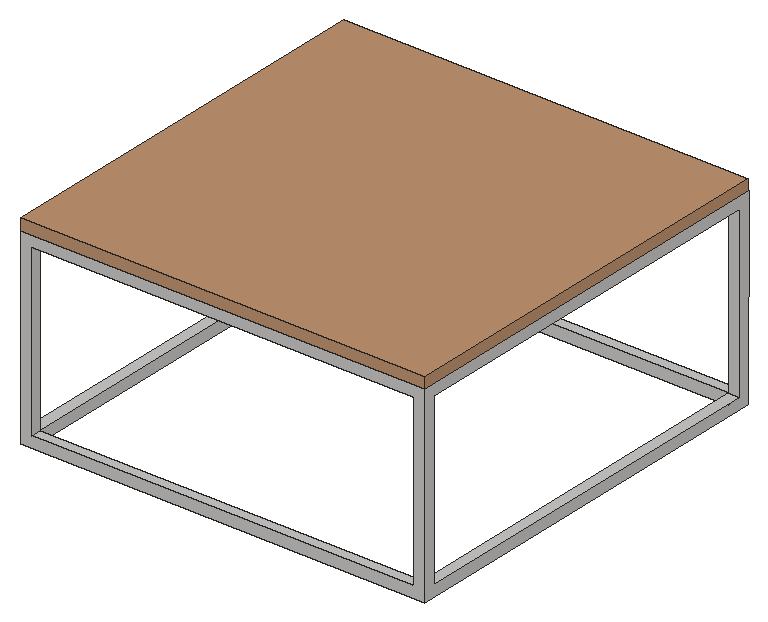
Revit family
Parameters (values of type "Coffee Table - Four Lo")
  URL = "www.RevitFurniture.com"
  Table Top Material = Coffee Table - Four Lo - Top
  Model = "Coffee Table - Four Lo"
  Manufacturer = "As Specified in 12 50 00"
  Leg Material = Coffee Table - Four Lo - Stainless Steel
  Keynote = "12 50 00"
  Description = "Coffee Table - Four Lo"
  Created By = "RevitFurniture.com"  # constant formula
  Assembly Code = "E2020200"
Reference planes (in)
  plane 1 "Center Front/Back": y = 0
  plane 2: z = 0
  plane 3 "Center Left/Right": x = 0
  plane 4: z = 13.75
  plane 5: z = 13
  plane 6: x = -13.75
  plane 7: x = 13.75
  plane 8: y = -13.75
  plane 9: y = 13.75
Forms (in)
  Extrusion 1, solid, material "Coffee Table - Four Lo - Top" <- "Table Top Material"
    sketch origin (0, 0, 0) x (1, 0, 0) y (0, 1, 0)
      loop
        line (-13.75, 13.75) -> (-13.75, -13.75) -> (13.75, -13.75) -> (13.75, 13.75) -> (-13.75, 13.75)
    from 13 to 13.75
  Extrusion 2, solid, material "Coffee Table - Four Lo - Stainless Steel" <- "Leg Material"
    sketch origin (0, 0, 0) x (1, 0, 0) y (0, 1, 0)
      loop
        line (-13.75, 13.75) -> (-13.75, -13.75) -> (13.75, -13.75) -> (13.75, 13.75) -> (-13.75, 13.75)
      loop
        line (-13, 13) -> (-13, -13) -> (13, -13) -> (13, 13) -> (-13, 13)
    from 0 to 0.75
  Extrusion 3, solid, material "Coffee Table - Four Lo - Stainless Steel" <- "Leg Material"
    sketch origin (0, 0, 0) x (1, 0, 0) y (0, 1, 0)
      loop
        line (-13.75, 13.75) -> (-13.75, 13) -> (-13, 13) -> (-13, 13.75) -> (-13.75, 13.75)
      loop
        line (13.75, 13.75) -> (13, 13.75) -> (13, 13) -> (13.75, 13) -> (13.75, 13.75)
      loop
        line (-13.75, -13.75) -> (-13, -13.75) -> (-13, -13) -> (-13.75, -13) -> (-13.75, -13.75)
      loop
        line (13.75, -13.75) -> (13.75, -13) -> (13, -13) -> (13, -13.75) -> (13.75, -13.75)
    from 0.75 to 12.25
  Extrusion 4, solid, material "Coffee Table - Four Lo - Stainless Steel" <- "Leg Material"
    sketch origin (0, 0, 12.25) x (1, 0, 0) y (0, 1, 0)
      loop
        line (-13.75, 13.75) -> (-13.75, -13.75) -> (13.75, -13.75) -> (13.75, 13.75) -> (-13.75, 13.75)
      loop
        line (-13, 13) -> (-13, -13) -> (13, -13) -> (13, 13) -> (-13, 13)
    from 0 to 0.75
Cuts and joins
  joined: Extrusion 2, Extrusion 3, Extrusion 4
Lines and regions (in)
  symbolic lines
    curve 1: line (-13.75, 13.75, 0) -> (13.75, 13.75, 0)
    curve 2: line (-13.75, -13.75, 0) -> (-13.75, 13.75, 0)
    curve 3: line (13.75, -13.75, 0) -> (-13.75, -13.75, 0)
    curve 4: line (13.75, 13.75, 0) -> (13.75, -13.75, 0)
Dimensions and locks (in)
  plane 4 to level = 1' - 1 3/4"
  plane 4 to plane 5 = 0' - 0 3/4"
  aligned: curve 1 to Extrusion 1  (x2)
  aligned: Extrusion 1 to curve 4
  aligned: curve 4 to Extrusion 1
